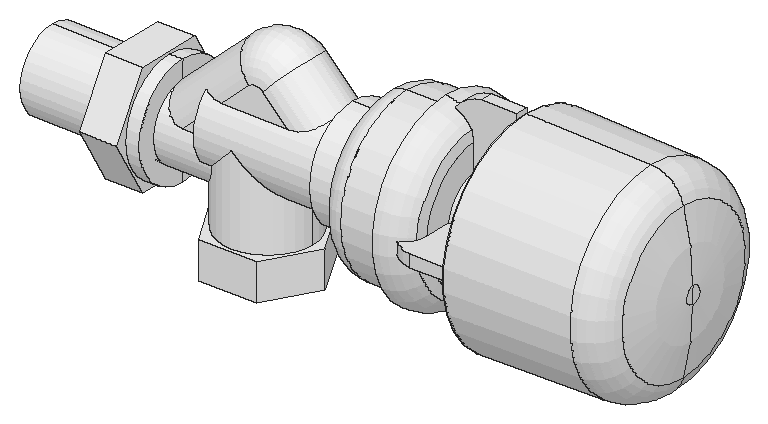
Revit family "RA-DV_Axial_DN10-15_Aero_RFA_1", category Pipe Accessories, Revit 2019 (continued)
Definition of nested family "Schematic_Pressure Independent TRV_Sensor_Axial"
  Lines and regions (mm)
    model lines
      curve 17: line (-30, 0, -6.5) -> (-51.667, 0, -6.5)
      curve 18: line (-30, 0, 6.5) -> (-30, 0, -6.5)
      curve 19: line (-47.333, 0, -4.093) -> (-47.333, 0, 4.093)
      curve 20: line (-47.333, 0, 0) -> (-34.333, 0, 0)
      curve 21: line (-12, 0, 22) -> (12, 0, 22)
      curve 22: spline (0, 0, 14) -> (3.106, 0, 14.273) -> (6, 0, 15.072) -> (8.485, 0, 16.343) -> (10.392, 0, 18) -> (11.591, 0, 19.929) -> (12, 0, 22) -> (11.591, 0, 24.071) -> (10.392, 0, 26) -> (8.485, 0, 27.657) -> (6, 0, 28.928) -> (3.106, 0, 29.727) -> (0, 0, 30) -> (-3.106, 0, 29.727) -> (-6, 0, 28.928) -> (-8.485, 0, 27.657) -> (-10.392, 0, 26) -> (-11.591, 0, 24.071) -> (-12, 0, 22) -> (-11.591, 0, 19.929) -> (-10.392, 0, 18) -> (-8.485, 0, 16.343) -> (-6, 0, 15.072) -> (-3.106, 0, 14.273) -> (0, 0, 14)
    symbolic lines
      curve 5: line (26, 13, 0) -> (26, -13, 0)
      curve 6: line (0, 0, 0) -> (26, -13, 0)
      curve 7: line (0, 0, 0) -> (26, 13, 0)
      curve 13: line (0, 0, 0) -> (-30, 0, 0)
      curve 14: line (26, 0, 0) -> (36, 0, 0)
      curve 23: line (-51.667, 6.5, 0) -> (-30, 6.5, 0)
      curve 24: line (-51.667, -6.5, 0) -> (-51.667, 6.5, 0)
      curve 25: line (-30, -6.5, 0) -> (-51.667, -6.5, 0)
      curve 26: line (-30, 6.5, 0) -> (-30, -6.5, 0)
      curve 27: line (-47.333, -4.093, 0) -> (-47.333, 4.093, 0)
      curve 28: line (-47.333, 0, 0) -> (-34.333, 0, 0)
      curve 29: line (-12, 22, 0) -> (12, 22, 0)
      curve 30: line (0, 0, 0) -> (0, 14, 0)
      curve 31: spline (-12, 22, 0) -> (-11.591, 24.071, 0) -> (-10.392, 26, 0) -> (-8.485, 27.657, 0) -> (-6, 28.928, 0) -> (-3.106, 29.727, 0) -> (0, 30, 0) -> (3.106, 29.727, 0) -> (6, 28.928, 0) -> (8.485, 27.657, 0) -> (10.392, 26, 0) -> (11.591, 24.071, 0) -> (12, 22, 0) -> (11.591, 19.929, 0) -> (10.392, 18, 0) -> (8.485, 16.343, 0) -> (6, 15.072, 0) -> (3.106, 14.273, 0) -> (0, 14, 0) -> (-3.106, 14.273, 0) -> (-6, 15.072, 0) -> (-8.485, 16.343, 0) -> (-10.392, 18, 0) -> (-11.591, 19.929, 0) -> (-12, 22, 0)
      curve 32: line (0, 13, -26) -> (0, -13, -26)
      curve 33: line (0, 0, 0) -> (0, 13, -26)
      curve 34: line (0, 0, 0) -> (0, -13, -26)
  Dimensions and locks
    "D": plane 4 to plane 5
    equal spacing: plane 4, level, plane 5
    "D": plane 9 to plane 8
    equal spacing: plane 9, plane 1 "Center (Front/Back)", plane 8
    "D": plane 2 to plane 10
    "LA": plane 12 to plane 11
    equal spacing: plane 12, plane 3 "Center (Left/Right)", plane 11
    "LA_1": plane 13 to plane 11
    "LA_1": plane 12 to plane 14
    equal spacing: plane 17, plane 3 "Center (Left/Right)", plane 18
    "D": plane 17 to plane 18
    "D": plane 6 to plane 3 "Center (Left/Right)"
    "L": plane 19 to plane 3 "Center (Left/Right)"
    "HT": plane 3 "Center (Left/Right)" to plane 16
    "HA": plane 16 to plane 7
    "LA": plane 20 to plane 21
    equal spacing: plane 20, level, plane 21
    "LA_1": plane 23 to plane 21
    "LA_1": plane 20 to plane 22
    "HA_1": plane 24 to plane 7
    "HA_2": plane 25 to plane 7
    "L2": plane 26 to level
    equal spacing: plane 26, plane 28, plane 27
    "L1/9": plane 26 to plane 28
    "L1/3": plane 29 to plane 30
    equal spacing: plane 29, plane 3 "Center (Left/Right)", plane 30
    "LA": plane 32 to plane 31
    equal spacing: plane 32, plane 1 "Center (Front/Back)", plane 31
    "LA_1": plane 33 to plane 31
    "LA_1": plane 32 to plane 34
    "L2": plane 1 "Center (Front/Back)" to plane 35
    equal spacing: plane 35, plane 37, plane 36
    "L1/9": plane 35 to plane 37
    "D": plane 38 to plane 39
    equal spacing: plane 38, plane 1 "Center (Front/Back)", plane 39
    level to plane 10 = 26 mm
    aligned and locked: level to plane 2
    aligned and locked: curve 5 to plane 6
    aligned and locked: curve 8 to level
    aligned and locked: plane 3 "Center (Left/Right)" to curve 8
    aligned and locked: plane 10 to curve 10
    aligned and locked: plane 18 to curve 10
    aligned and locked: plane 17 to curve 10
    aligned and locked: curve 12 to level
    aligned and locked: plane 6 to curve 12
    aligned and locked: plane 19 to curve 12
    aligned and locked: curve 1 to plane 3 "Center (Left/Right)"
    aligned and locked: curve 13 to plane 1 "Center (Front/Back)"
    aligned and locked: plane 3 "Center (Left/Right)" to curve 13
    aligned and locked: plane 1 "Center (Front/Back)" to curve 14
    aligned and locked: plane 19 to curve 14
    aligned and locked: plane 6 to curve 14
    aligned and locked: plane 16 to curve 8
    aligned and locked: curve 15 to plane 20
    aligned and locked: plane 7 to curve 16
    aligned and locked: plane 23 to curve 19
    aligned and locked: plane 22 to curve 19
    aligned and locked: curve 19 to plane 24
    aligned and locked: curve 20 to level
    aligned and locked: plane 25 to curve 20
    aligned and locked: plane 24 to curve 20
    aligned and locked: curve 21 to plane 28
    aligned and locked: plane 30 to curve 21
    aligned and locked: plane 29 to curve 21
    aligned and locked: curve 29 to plane 37
    aligned and locked: plane 29 to curve 29
    aligned and locked: plane 30 to curve 29
  Automatic sketch dimensions
    curve 3 to plane 5 = 0 mm
    curve 17 to plane 21 = 0 mm
    curve 2 to plane 4 = 0 mm
    curve 22 to plane 27 = 0 mm
    curve 22 to plane 28 = 0 mm
    curve 24 to plane 7 = 0 mm
    plane 1 "Center (Front/Back)" to curve 28 = 0 mm
    curve 28 to plane 24 = 0 mm
    curve 27 to plane 24 = 0 mm
    curve 28 to plane 25 = 0 mm
    curve 26 to plane 16 = 0 mm
    plane 9 to curve 5 = 0 mm
    plane 32 to curve 26 = 0 mm
    curve 27 to plane 34 = 0 mm
    curve 27 to plane 33 = 0 mm
    plane 31 to curve 24 = 0 mm
    plane 8 to curve 7 = 0 mm
    curve 31 to plane 37 = 0 mm
    plane 36 to curve 30 = 0 mm
    curve 31 to plane 30 = 0 mm
    curve 31 to plane 3 "Center (Left/Right)" = 0 mm
    curve 34 to level = 0 mm
    curve 34 to plane 1 "Center (Front/Back)" = 0 mm
    curve 32 to plane 9 = 0 mm
    curve 33 to plane 8 = 0 mm
    curve 32 to plane 10 = 0 mm
Types (3, lengths in mm): name | Sa3 | Sa2 | RT1 | RT0 | RR1 | RR0 | RL4 | RL2 | RB1 | Model Type | Model | La | LR4 | LR3 | LR2 | LR1 | LR0 | LL4 | LL3 | LL2 | LL1 | L | Hex2 | Hex1 | Ha | HT | HR2 | HR1 | H' | H | D | BL2 | BL1 | AR | AL
  (no name) | 36.3 | 27.3 | 12.194 | 18.318 | 12.2 | 6 | 10.7 | 14.7 | 12.2 | "RA-DV_Axial_DN15" | "013G7710" | 113.9 | 2.776 | 6.8 | 7.1 | 22.8 | 4.168 | 21.2 | 10 | 3.7 | 22.6 | 171.4 | 26.7 | 30 | 33.3 | 29.9 | 15.35 | 17.3 | 58 | 61.3 | 15 | 9.8 | 17.5 | 22.748 | 28
  RA-DV_Axial_DN10_013G7709 | 32.7 | 22 | 12 | 16.8 | 12 | 4 | 8.315 | 13.25 | 10.25 | "RA-DV_Axial_DN10" | "013G7709" | 112.85 | 1.826 | 7.75 | 6.195 | 22.655 | 4.8 | 18.8 | 8.5 | 3.6 | 20.6 | 164.35 | 22 | 27 | 26 | 28.85 | 12.6 | 15.6 | 50.8 | 54 | 10 | 8.347 | 13.653 | 21 | 27.3
  RA-DV_Axial_DN15_013G7710 | 36.3 | 27.3 | 12.194 | 18.318 | 12.2 | 6 | 10.7 | 14.7 | 12.2 | "RA-DV_Axial_DN15" | "013G7710" | 113.9 | 2.776 | 6.8 | 7.1 | 22.8 | 4.168 | 21.2 | 10 | 3.7 | 22.6 | 171.4 | 26.7 | 30 | 33.3 | 29.9 | 15.35 | 17.3 | 58 | 61.3 | 15 | 9.8 | 17.5 | 22.748 | 28
